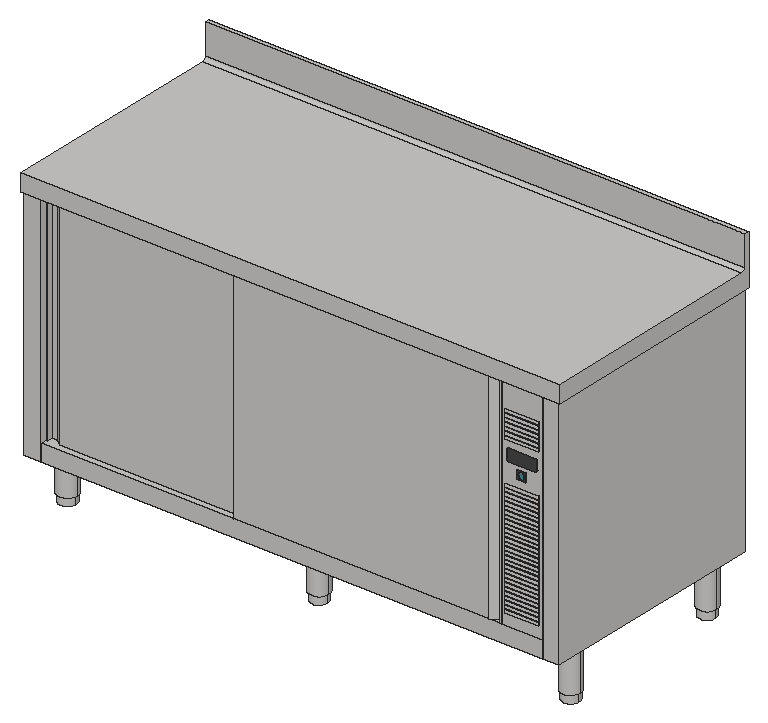
Revit family "QF_ZANUSSI_133095_TC1610EN", category Specialty Equipment, Revit 2021
Family settings
  Round Connector Dimension = Use Diameter
  Part Type = Normal
  Work Plane-Based = No
  Always vertical = Yes
  Cut with Voids When Loaded = No
  Shared = No
  Room Calculation Point = No
Parameters (values of type "Standard")
  Weight = 65.00 kg
  Watts = 0 W
  Volts = 220 V
  URL Manufacturer = "http://www.zanussiprofessional.com"
  URL = "http://www.zanussiprofessional.com"
  Steam Supply Size = 0 mm
  Steam Supply Minimum Pressure = 0.0 Pa
  Steam Supply Maximum Pressure = 0.0 Pa
  Steam Consumption per Hour = 0
  Refrigeration Suction Line Size = 0.0 mm
  Refrigeration Liquid Line Size = 0.0 mm
  Refrigerant Compressor Remote = yes
  Default Elevation = 0.0 mm
  Manufacturer = "Zanussi"
  Phase = 1
  Model = "TC1610EN"
  Length Actual = 1600.0 mm
  Item Number = "133095"
  Hot Water Size = 0 mm
  Height Actual = 1000.0 mm
  HP = "3.2 HP"
  Gas Size = 0 mm
  Gas KW = 0
  Gas Input Pressure = 0 W
  Direct Waste Size = 0 mm
  Description = "HOT CUPBOARD WITH UPSTAND 1600 MM"
  Depth Actual = 700.0 mm
  Cycle = 60 Hz
  Condensate Return Size = 0 mm
  Compressed Air Volume = 0.0 L/s
  Compressed Air Size = 0 mm
  Compressed Air Pressure = 0.0 Pa
  Cold Water Size = 0 mm
  Accessory = no
Reference planes
  plane 1 "Center (Front/Back)": y = 0
  plane 2: z = 0
  plane 3 "Center (Left/Right)": x = -300
  plane 4 "LEFT": x = -1100
  plane 5 "RIGHT": x = 500
  plane 6 "BACK": y = 350
  plane 7 "FRONT": y = -350
  plane 8 "Base": z = 850
  plane 9 "TOP": z = 900
  plane 10: x = -1046.5
  plane 11: x = 446.5
  plane 12: y = 264.5
  plane 13: y = -241.5
  plane 14 "BodyLeft": x = -1094.5
  plane 15 "BodyFront": y = -344.5
  plane 16 "BodyRight": x = 494.5
  plane 17 "BodyBack": y = 344.5
  plane 18 "FEET": z = 150
  plane 19: x = 324.5
  plane 20: x = -361
  plane 21: x = 444.5
  plane 22 "EIx": x = 400
  plane 23 "EIy": y = -170
Forms (mm)
  Extrusion 1, solid, material "QF_Finishes_Stainless Steel"
    sketch origin (-300, 0, 0) x (0, 1, 0) y (0, 0, 1)
      loop
        line (-350, 850) -> (350, 850) -> (350, 1000) -> (337, 1000) -> (337, 910)
        arc (337, 910) -> (334.071, 902.929) -> (327, 900) r 10
        line (327, 900) -> (-350, 900) -> (-350, 850)
    from 800 to -800
  Extrusion 2, solid, material "QF_Finishes_Stainless Steel"
    sketch origin (0, 0, 150) x (-1, 0, 0) y (0, -1, 0)
      loop
        line (1094.5, -344.5) -> (1094.5, 344.5) -> (1044.5, 344.5) -> (1044.5, -344.5) -> (1094.5, -344.5)
      loop
        line (-444.5, -344.5) -> (-444.5, 344.5) -> (-494.5, 344.5) -> (-494.5, -344.5) -> (-444.5, -344.5)
    from 0 to 700
  Extrusion 3, solid, material "QF_Finishes_Stainless Steel"
    sketch origin (0, 0, 150) x (-1, 0, 0) y (0, -1, 0)
      loop
        line (1044.5, -344.5) -> (1044.5, 344.5) -> (-444.5, 344.5) -> (-444.5, -344.5) -> (1044.5, -344.5)
    from 0 to 50
  Extrusion 4, solid, material "QF_Finishes_Stainless Steel"
    sketch origin (-1, 0, 150) x (-1, 0, 0) y (0, -1, 0)
      loop
        line (-325.5, 344.5) -> (-325.5, 324.5) -> (470.5, 324.5) -> (470.5, 344.5) -> (-285.5, 344.5) -> (-305.5, 329.5) -> (-320.5, 329.5) -> (-320.5, 344.5) -> (-325.5, 344.5)
    from 50 to 700
  Extrusion 5, solid, material "QF_Finishes_Stainless Steel"
    sketch origin (1, 20, 150) x (1, 0, 0) y (0, 1, 0)
      loop
        line (-1045.5, -344.5) -> (-1040.5, -344.5) -> (-1040.5, -329.5) -> (-1025.5, -329.5) -> (-1005.5, -344.5) -> (-251.5, -344.5) -> (-251.5, -324.5) -> (-1045.5, -324.5) -> (-1045.5, -344.5)
    from 50 to 700
  Extrusion 6, solid, material "QF_Finishes_Stainless Steel"
    sketch origin (0, 0, 0) x (1, 0, 0) y (0, 1, 0)
      loop
        line (-1044.5, -304.5) -> (324.5, -304.5) -> (324.5, 324.5) -> (-1044.5, 324.5) -> (-1044.5, -304.5)
    from 500 to 540
  Extrusion 7, solid, material "QF_Finishes_Stainless Steel"
    sketch origin (0, 0, 0) x (1, 0, 0) y (0, 1, 0)
      loop
        line (444.5, 344.5) -> (-1044.5, 344.5) -> (-1044.5, 324.5) -> (444.5, 324.5) -> (444.5, 344.5)
    from 200 to 850
  Extrusion 8, solid, material "QF_Finishes_Stainless Steel"
    sketch origin (0, 0, 150) x (-1, 0, 0) y (0, -1, 0)
      loop
        circle (-400, 170) r 10
    from 0 to -5
Cuts and joins
  joined: Extrusion 3, Extrusion 7
Lines and regions (mm)
  symbolic lines
    curve 1: line (500, 350, 900) -> (-1100, 350, 900)
    curve 2: line (-1100, 350, 900) -> (-1100, -350, 900)
    curve 3: line (-1100, -350, 900) -> (500, -350, 900)
    curve 4: line (500, -350, 900) -> (500, 350, 900)
    curve 15: line (500, 337, 900) -> (-1100, 337, 900)
  symbolic lines, style "SpecialityEquipmentHiddenLines"
    curve 5: line (-1094.5, 344.5, 150) -> (494.5, 344.5, 150)
    curve 6: line (-1094.5, -344.5, 150) -> (-1094.5, 344.5, 150)
    curve 7: line (494.5, -344.5, 150) -> (-1094.5, -344.5, 150)
    curve 8: line (494.5, 344.5, 150) -> (494.5, -344.5, 150)
    curve 9: line (-1045.5, -304.5, 150) -> (-249.5, -304.5, 150)
    curve 10: line (-249.5, -304.5, 150) -> (-249.5, -324.5, 150)
    curve 11: line (-1045.5, -324.5, 150) -> (324.5, -324.5, 150)
    curve 12: line (324.5, -324.5, 150) -> (324.5, -344.5, 150)
    curve 13: line (-1045.5, -304.5, 150) -> (-1045.5, -324.5, 150)
    curve 14: line (-471.5, -344.5, 0) -> (-471.5, -324.5, 0)
Dimensions and locks
  plane 4 "LEFT" to plane 5 "RIGHT" = 1600.0 mm
  equal spacing: plane 4 "LEFT", plane 3 "Center (Left/Right)", plane 5 "RIGHT"
  locked: plane 8 "Base" to level at 850
  plane 6 "BACK" to plane 7 "FRONT" = 700.0 mm
  equal spacing: plane 6 "BACK", plane 1 "Center (Front/Back)", plane 7 "FRONT"
  locked: plane 4 "LEFT" to plane 14 "BodyLeft" at 5.5
  locked: plane 16 "BodyRight" to plane 5 "RIGHT" at 5.5
  locked: plane 15 "BodyFront" to plane 7 "FRONT" at 5.5
  locked: plane 6 "BACK" to plane 17 "BodyBack" at 5.5
  locked: plane 14 "BodyLeft" to plane 10 at 48
  locked: plane 11 to plane 16 "BodyRight" at 48
  locked: plane 13 to plane 15 "BodyFront" at 103
  locked: plane 17 "BodyBack" to plane 12 at 80
  plane 10 to plane 11 = 1493.0 mm
  plane 12 to plane 13 = 506.0 mm
  locked: plane 14 "BodyLeft" to Extrusion 2 sketch curve at 50
  locked: Extrusion 2 sketch curve to Extrusion 2 sketch curve at 50
  equal spacing: plane 10, plane 20, plane 19
  locked: plane 21 to plane 16 "BodyRight" at 50
  locked: plane 19 to plane 21 at 120
  locked: Extrusion 4 sketch curve to plane 20 at 110.5
  locked: plane 20 to Extrusion 5 sketch curve at 110.5
  locked: plane 18 "FEET" to level at 150
  locked: plane 22 "EIx" to plane 5 "RIGHT" at 100
  plane 23 "EIy" to plane 7 "FRONT" = 180.0 mm
  locked: Extrusion 1 to level at 1000
  plane 9 "TOP" to level = 900.0 mm
  aligned and locked: level to plane 2
  aligned and locked: plane 10 to nested 1
  aligned and locked: nested 1 to plane 13
  aligned and locked: plane 11 to nested 2
  aligned and locked: nested 2 to plane 13
  aligned and locked: plane 11 to nested 4
  aligned and locked: nested 4 to plane 12
  aligned and locked: plane 10 to nested 3
  aligned and locked: nested 3 to plane 12
  aligned and locked: Extrusion 1 to plane 4 "LEFT"
  aligned and locked: plane 5 "RIGHT" to Extrusion 1
  aligned and locked: curve 2 to plane 4 "LEFT"
  aligned and locked: plane 17 "BodyBack" to Extrusion 2 sketch curve
  aligned and locked: Extrusion 2 sketch curve to plane 15 "BodyFront"
  aligned and locked: Extrusion 2 sketch curve to plane 14 "BodyLeft"
  aligned and locked: plane 16 "BodyRight" to Extrusion 2 sketch curve
  aligned and locked: Extrusion 2 sketch curve to plane 17 "BodyBack"
  aligned and locked: plane 15 "BodyFront" to Extrusion 2 sketch curve
  aligned and locked: Extrusion 3 sketch curve to plane 17 "BodyBack"
  aligned and locked: plane 15 "BodyFront" to Extrusion 3 sketch curve
  aligned and locked: plane 8 "Base" to Extrusion 2
  aligned and locked: plane 8 "Base" to Extrusion 4
  aligned and locked: Extrusion 4 to Extrusion 3
  aligned and locked: Extrusion 1 to plane 8 "Base"
  aligned and locked: plane 9 "TOP" to Extrusion 1
  aligned and locked: curve 5 to plane 17 "BodyBack"
  aligned and locked: plane 14 "BodyLeft" to curve 6
  aligned and locked: plane 15 "BodyFront" to curve 7
  aligned and locked: plane 16 "BodyRight" to curve 8
  aligned and locked: Extrusion 3 to Extrusion 2  (x2)
  aligned and locked: Extrusion 6 sketch curve to Extrusion 2
  aligned and locked: Extrusion 6 sketch curve to Extrusion 5
  aligned and locked: nested 5 to plane 21
  aligned and locked: Extrusion 7 sketch curve to Extrusion 2
  aligned and locked: Extrusion 6 sketch curve to plane 19
  aligned and locked: plane 3 "Center (Left/Right)" to nested 6
  aligned and locked: plane 3 "Center (Left/Right)" to nested 7
Automatic sketch dimensions
  Extrusion 8 sketch curve to plane 22 "EIx" = 0.0 mm
  Extrusion 8 sketch curve to plane 23 "EIy" = 0.0 mm
  curve 14 to plane 15 "BodyFront" = 0.0 mm
  plane 15 "BodyFront" to curve 14 = 20.0 mm
  curve 14 to plane 20 = 110.5 mm
  curve 3 to plane 7 "FRONT" = 0.0 mm
  curve 15 to plane 5 "RIGHT" = 0.0 mm
  curve 4 to plane 6 "BACK" = 0.0 mm
  curve 15 to plane 17 "BodyBack" = 7.5 mm
  Extrusion 1 sketch curve to plane 7 "FRONT" = 0.0 mm
  Extrusion 1 sketch curve to plane 9 "TOP" = 0.0 mm
  Extrusion 1 sketch curve to plane 6 "BACK" = 0.0 mm
  Extrusion 1 sketch curve to plane 8 "Base" = 0.0 mm
  Extrusion 1 sketch curve to plane 17 "BodyBack" = 17.5 mm
  Extrusion 1 sketch curve to plane 17 "BodyBack" = 7.5 mm
  Extrusion 1 sketch curve to Extrusion 1 sketch curve = 90.0 mm
  Extrusion 3 sketch curve to plane 21 = 0.0 mm
  plane 10 to Extrusion 3 sketch curve = 2.0 mm
  Extrusion 4 sketch curve to plane 19 = 0.0 mm
  Extrusion 4 sketch curve to plane 15 "BodyFront" = 0.0 mm  (x2)
  Extrusion 4 sketch curve to Extrusion 4 sketch curve = 5.0 mm
  Extrusion 4 sketch curve to Extrusion 4 sketch curve = 15.0 mm  (x2)
  Extrusion 4 sketch curve to Extrusion 4 sketch curve = 20.0 mm
  plane 15 "BodyFront" to Extrusion 4 sketch curve = 20.0 mm
  Extrusion 5 sketch curve to plane 15 "BodyFront" = 20.0 mm  (x2)
  Extrusion 5 sketch curve to plane 10 = 42.0 mm
  Extrusion 5 sketch curve to plane 10 = 22.0 mm
  Extrusion 5 sketch curve to plane 10 = 7.0 mm
  Extrusion 5 sketch curve to plane 10 = 2.0 mm
  Extrusion 5 sketch curve to Extrusion 5 sketch curve = 15.0 mm
  Extrusion 5 sketch curve to Extrusion 5 sketch curve = 20.0 mm
  Extrusion 6 sketch curve to plane 17 "BodyBack" = 20.0 mm
  Extrusion 7 sketch curve to plane 21 = 0.0 mm
  Extrusion 7 sketch curve to plane 17 "BodyBack" = 0.0 mm
  Extrusion 7 sketch curve to Extrusion 7 sketch curve = 20.0 mm
  curve 11 to plane 19 = 0.0 mm
  curve 7 to plane 15 "BodyFront" = 0.0 mm
  plane 3 "Center (Left/Right)" to curve 10 = 50.5 mm
  plane 10 to curve 13 = 1.0 mm
  plane 15 "BodyFront" to curve 9 = 40.0 mm
  plane 15 "BodyFront" to curve 13 = 20.0 mm
  radius of Extrusion 8 sketch curve = 10.0 mm
Nested families
  nested 1: "FEET_D58-150" at (-1046.5, -241.5, 0), type "FEET_D58-150"
  nested 2: "FEET_D58-150" at (446.5, -241.5, 0), type "FEET_D58-150"
  nested 3: "FEET_D58-150" at (-1046.5, 264.5, 0), type "FEET_D58-150"
  nested 4: "FEET_D58-150" at (446.5, 264.5, 0), type "FEET_D58-150"
  nested 5: "WT_PNL120x650" at (531.42, -304.5, 600) x (1, 0, 0) z (0, -1, 0), type "WT_PNL120x650"
    with Show Logo yes
  nested 6: "FEET_D58-150" at (-300, -241.5, 0), type "FEET_D58-150"
  nested 7: "FEET_D58-150" at (-300, 264.5, 0), type "FEET_D58-150"
Connectors
  electrical at (400, -170, 145)
    settings: on Extrusion 8, index 1, voltage 0 V, apparent load 0 VA, apparent load phase1 0 VA, apparent load phase2 0 VA, apparent load phase3 0 VA, power factor 1, load classification "Other", number of poles 1, system type 30, power factor state 1, is connector primary yes, connector utility no, sub classification motor no, connector description "Electrical connection"
Definition of nested family "FEET_D58-150"
  Parameters
    Default Elevation = 0.0 mm
    FEET = 150.0 mm
  Reference planes
    plane 1 "Center (Front/Back)": y = 0
    plane 2: z = 0
    plane 3 "Center (Left/Right)": x = 0
    plane 4: z = 150
  Forms (mm)
    Extrusion 1, solid
      sketch origin (0, 0, 0) x (1, 0, 0) y (0, 1, 0)
        loop
          circle (0, 0) r 25
      from 0 to 25
    Extrusion 2, solid
      sketch origin (0, 0, 0) x (1, 0, 0) y (0, 1, 0)
        loop
          circle (0.061, 0) r 29
      from 25 to 150 <- "FEET"
  Lines and regions (mm)
    symbolic lines
      curve 1: line (0, -1.503, 0) -> (0, 1.508, 0)
      curve 2: line (1.561, 0, 0) -> (-1.439, 0, 0)
  Dimensions and locks
    "FEET": plane 4 to plane 2
    aligned and locked: level to plane 2
  Automatic sketch dimensions
    plane 1 "Center (Front/Back)" to Extrusion 1 sketch curve = 0.0 mm
    Extrusion 1 sketch curve to plane 3 "Center (Left/Right)" = 0.0 mm
    plane 1 "Center (Front/Back)" to curve 2 = 0.0 mm
    curve 1 to plane 3 "Center (Left/Right)" = 0.0 mm
    curve 2 to plane 3 "Center (Left/Right)" = 1.439 mm
    plane 3 "Center (Left/Right)" to curve 2 = 1.561 mm
    plane 1 "Center (Front/Back)" to curve 1 = 1.503 mm
    curve 1 to plane 1 "Center (Front/Back)" = 1.508 mm
    plane 1 "Center (Front/Back)" to Extrusion 2 sketch curve = 0.0 mm
    plane 3 "Center (Left/Right)" to Extrusion 2 sketch curve = 0.061 mm
    radius of Extrusion 1 sketch curve = 25.0 mm
    radius of Extrusion 2 sketch curve = 29.0 mm
Definition of nested family "WT_PNL120x650"
  Parameters
    Show Logo [instance] = yes
    Default Elevation = 1219.2 mm
  Reference planes
    plane 1 "Center (Front/Back)": y = -75
    plane 2: z = 0
    plane 3 "Center (Left/Right)": x = -146.92
    plane 4: x = -206.92
    plane 5: x = -86.92
    plane 6: y = 250
    plane 7: y = -400
    plane 8 "TOP": z = 40
  Forms (mm)
    Extrusion 1, solid
      sketch origin (0, 0, 0) x (1, 0, 0) y (0, 1, 0)
        loop
          line (-1219.2, 1219.2) -> (-1219.2, -1219.2) -> (1219.2, -1219.2) -> (1219.2, 1219.2) -> (-1219.2, 1219.2)
      from 0 to -304.8
    Extrusion 2, solid
      sketch origin (0, 0, 0) x (1, 0, 0) y (0, 1, 0)
        loop
          line (-206.92, 250) -> (-206.92, -400) -> (-86.92, -400) -> (-86.92, 250) -> (-206.92, 250)
      from 0 to 40
    Extrusion 3, void
      sketch origin (0, 0, 40) x (-1, 0, 0) y (0, -1, 0)
        loop
          arc (101.92, -68.899) -> (103.795, -73.256) -> (108.247, -74.89) r 6
          line (108.247, -74.89) -> (185.92, -74.89)
          arc (185.92, -74.89) -> (190.163, -73.133) -> (191.92, -68.89) r 6
          line (191.92, -68.89) -> (191.92, -45.89)
          arc (191.92, -45.89) -> (190.163, -41.648) -> (185.92, -39.89) r 6
          line (185.92, -39.89) -> (107.92, -39.89)
          arc (107.92, -39.89) -> (103.677, -41.648) -> (101.92, -45.89) r 6
          line (101.92, -45.89) -> (101.92, -68.899)
        loop
          line (158.92, -27.89) -> (158.92, -2.89) -> (134.92, -2.89) -> (134.92, -27.89) -> (158.92, -27.89)
      from -2 to 0
    Extrusion 4, solid
      sketch origin (0, 0, 40) x (-1, 0, 0) y (0, -1, 0)
        loop
          line (185.92, -39.89) -> (107.92, -39.89)
          arc (107.92, -39.89) -> (103.677, -41.648) -> (101.92, -45.89) r 6
          line (101.92, -45.89) -> (101.92, -68.899)
          arc (101.92, -68.899) -> (103.795, -73.256) -> (108.247, -74.89) r 6
          line (108.247, -74.89) -> (185.92, -74.89)
          arc (185.92, -74.89) -> (190.163, -73.133) -> (191.92, -68.89) r 6
          line (191.92, -68.89) -> (191.92, -45.89)
          arc (191.92, -45.89) -> (190.163, -41.648) -> (185.92, -39.89) r 6
      from -2 to 1
    Extrusion 5, solid
      sketch origin (-146.92, 0, 0) x (0, 1, 0) y (0, 0, 1)
        loop
          line (95.896, 40) -> (104.899, 40) -> (95.896, 41.206) -> (95.896, 40)
        loop
          line (107.896, 40) -> (116.899, 40) -> (107.896, 41.206) -> (107.896, 40)
        loop
          line (119.896, 40) -> (128.899, 40) -> (119.896, 41.206) -> (119.896, 40)
        loop
          line (131.896, 40) -> (140.899, 40) -> (131.896, 41.206) -> (131.896, 40)
        loop
          line (143.896, 40) -> (152.899, 40) -> (143.896, 41.206) -> (143.896, 40)
        loop
          line (155.896, 40) -> (164.899, 40) -> (155.896, 41.206) -> (155.896, 40)
        loop
          line (167.896, 40) -> (176.899, 40) -> (167.896, 41.206) -> (167.896, 40)
        loop
          line (-102.104, 40) -> (-93.101, 40) -> (-102.104, 41.206) -> (-102.104, 40)
        loop
          line (-90.104, 40) -> (-81.101, 40) -> (-90.104, 41.206) -> (-90.104, 40)
        loop
          line (-78.104, 40) -> (-69.101, 40) -> (-78.104, 41.206) -> (-78.104, 40)
        loop
          line (-66.104, 40) -> (-57.101, 40) -> (-66.104, 41.206) -> (-66.104, 40)
        loop
          line (-54.104, 40) -> (-45.101, 40) -> (-54.104, 41.206) -> (-54.104, 40)
        loop
          line (-42.104, 40) -> (-33.101, 40) -> (-42.104, 41.206) -> (-42.104, 40)
        loop
          line (-30.104, 40) -> (-21.101, 40) -> (-30.104, 41.206) -> (-30.104, 40)
        loop
          line (-174.104, 40) -> (-165.101, 40) -> (-174.104, 41.206) -> (-174.104, 40)
        loop
          line (-162.104, 40) -> (-153.101, 40) -> (-162.104, 41.206) -> (-162.104, 40)
        loop
          line (-150.104, 40) -> (-141.101, 40) -> (-150.104, 41.206) -> (-150.104, 40)
        loop
          line (-138.104, 40) -> (-129.101, 40) -> (-138.104, 41.206) -> (-138.104, 40)
        loop
          line (-126.104, 40) -> (-117.101, 40) -> (-126.104, 41.206) -> (-126.104, 40)
        loop
          line (-114.104, 40) -> (-105.101, 40) -> (-114.104, 41.206) -> (-114.104, 40)
        loop
          line (-246.104, 40) -> (-237.101, 40) -> (-246.104, 41.206) -> (-246.104, 40)
        loop
          line (-234.104, 40) -> (-225.101, 40) -> (-234.104, 41.206) -> (-234.104, 40)
        loop
          line (-222.104, 40) -> (-213.101, 40) -> (-222.104, 41.206) -> (-222.104, 40)
        loop
          line (-210.104, 40) -> (-201.101, 40) -> (-210.104, 41.206) -> (-210.104, 40)
        loop
          line (-198.104, 40) -> (-189.101, 40) -> (-198.104, 41.206) -> (-198.104, 40)
        loop
          line (-186.104, 40) -> (-177.101, 40) -> (-186.104, 41.206) -> (-186.104, 40)
        loop
          line (-318.104, 40) -> (-309.101, 40) -> (-318.104, 41.206) -> (-318.104, 40)
        loop
          line (-306.104, 40) -> (-297.101, 40) -> (-306.104, 41.206) -> (-306.104, 40)
        loop
          line (-294.104, 40) -> (-285.101, 40) -> (-294.104, 41.206) -> (-294.104, 40)
        loop
          line (-282.104, 40) -> (-273.101, 40) -> (-282.104, 41.206) -> (-282.104, 40)
        loop
          line (-270.104, 40) -> (-261.101, 40) -> (-270.104, 41.206) -> (-270.104, 40)
        loop
          line (-258.104, 40) -> (-249.101, 40) -> (-258.104, 41.206) -> (-258.104, 40)
        loop
          line (-366.104, 40) -> (-357.101, 40) -> (-366.104, 41.206) -> (-366.104, 40)
        loop
          line (-354.104, 40) -> (-345.101, 40) -> (-354.104, 41.206) -> (-354.104, 40)
        loop
          line (-342.104, 40) -> (-333.101, 40) -> (-342.104, 41.206) -> (-342.104, 40)
        loop
          line (-330.104, 40) -> (-321.101, 40) -> (-330.104, 41.206) -> (-330.104, 40)
      from -50 to 50
    Extrusion 6, solid
      sketch origin (0, 0, 40) x (-1, 0, 0) y (0, -1, 0)
        loop
          line (134.92, -27.89) -> (158.92, -27.89) -> (158.92, -2.89) -> (134.92, -2.89) -> (134.92, -27.89)
        loop
          circle (146.92, -15.39) r 9
      from -2 to 3
    Extrusion 7, solid
      sketch origin (0, 0, 40) x (-1, 0, 0) y (0, -1, 0)
        loop
          circle (146.92, -15.39) r 9
      from 0 to 3
  Cuts and joins
    Extrusion 3 cuts Extrusion 2
  Dimensions and locks
    equal spacing: plane 6, plane 1 "Center (Front/Back)", plane 7
    equal spacing: plane 4, plane 3 "Center (Left/Right)", plane 5
    plane 8 "TOP" to level = 40.0 mm
    aligned and locked: plane 2 to Extrusion 1
    aligned and locked: level to Extrusion 1
  Automatic sketch dimensions
    Extrusion 1 sketch curve to Extrusion 1 sketch curve = 2438.4 mm  (x2)
    Extrusion 2 sketch curve to plane 4 = 0.0 mm
    Extrusion 2 sketch curve to plane 5 = 0.0 mm
    Extrusion 2 sketch curve to plane 7 = 0.0 mm
    Extrusion 2 sketch curve to plane 6 = 0.0 mm
    Extrusion 5 sketch curve to plane 8 "TOP" = 0.0 mm  (x36)
    Extrusion 5 sketch curve to Extrusion 5 sketch curve = 9.003 mm  (x35)
    plane 8 "TOP" to Extrusion 5 sketch curve = 1.206 mm  (x22)
    Extrusion 5 sketch curve to Extrusion 5 sketch curve = 2.997 mm  (x33)
    plane 1 "Center (Front/Back)" to Extrusion 5 sketch curve = 6.101 mm
    plane 1 "Center (Front/Back)" to Extrusion 5 sketch curve = 3.104 mm
    Extrusion 5 sketch curve to plane 1 "Center (Front/Back)" = 5.899 mm
    Extrusion 5 sketch curve to Extrusion 5 sketch curve = 116.997 mm
    Extrusion 5 sketch curve to Extrusion 5 sketch curve = 1.206 mm  (x14)
    Extrusion 4 sketch curve to plane 5 = 15.0 mm
    Extrusion 4 sketch curve to Extrusion 4 sketch curve = 6.0 mm  (x3)
    Extrusion 4 sketch curve to Extrusion 4 sketch curve = 0.327 mm
    plane 4 to Extrusion 4 sketch curve = 21.0 mm  (x2)
    Extrusion 4 sketch curve to plane 1 "Center (Front/Back)" = 149.89 mm
    Extrusion 4 sketch curve to Extrusion 4 sketch curve = 23.009 mm
    Extrusion 3 sketch curve to plane 5 = 15.0 mm
    Extrusion 3 sketch curve to Extrusion 3 sketch curve = 6.0 mm  (x3)
    Extrusion 3 sketch curve to Extrusion 3 sketch curve = 0.327 mm
    plane 3 "Center (Left/Right)" to Extrusion 3 sketch curve = 12.0 mm
    Extrusion 3 sketch curve to plane 3 "Center (Left/Right)" = 12.0 mm
    plane 4 to Extrusion 3 sketch curve = 21.0 mm  (x2)
    Extrusion 3 sketch curve to plane 1 "Center (Front/Back)" = 149.89 mm
    Extrusion 3 sketch curve to Extrusion 3 sketch curve = 23.0 mm
    Extrusion 3 sketch curve to Extrusion 3 sketch curve = 12.0 mm
    Extrusion 3 sketch curve to Extrusion 3 sketch curve = 25.0 mm
    Extrusion 6 sketch curve to plane 3 "Center (Left/Right)" = 0.0 mm
    plane 3 "Center (Left/Right)" to Extrusion 6 sketch curve = 12.0 mm
    Extrusion 6 sketch curve to plane 3 "Center (Left/Right)" = 12.0 mm
    Extrusion 6 sketch curve to plane 1 "Center (Front/Back)" = 102.89 mm
    Extrusion 6 sketch curve to Extrusion 6 sketch curve = 12.5 mm  (x2)
    Extrusion 7 sketch curve to plane 3 "Center (Left/Right)" = 0.0 mm
    Extrusion 7 sketch curve to plane 1 "Center (Front/Back)" = 90.39 mm
    radius of Extrusion 6 sketch curve = 9.0 mm
    radius of Extrusion 7 sketch curve = 9.0 mm
